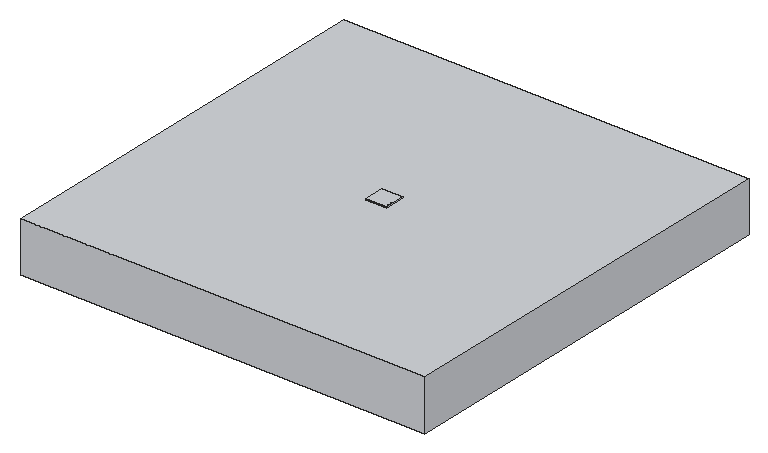
Revit family "M_Sirene do alarme de incêndio - Montado na parede", category Dispositivos de alarme de incêndio, Revit 2019
Family settings
  Hospedeiro = Face
  Manter orientação da anotação = Sim
  Cota do conector redondo = Utilizar diâmetro
  Tipo de parte = Normal
  Número OmniClass = 23.85.30.21.11.17
  Título OmniClass = Other Components
  ID de item do Seek = Fire Alarm Horn - Wall Mounted-0000-CAN-ENU
  Corte com vazios quando carregada = Não
  Compartilhado = Não
  Ponto de cálculo do ambiente = Não
Parameters (values of type "Padrão")
  Material = none
  Elevação-padrão = 1200 mm
Reference planes
  plane 1 "Centro (Frente/Trás)": y = 0
  plane 2: z = 0
  plane 3 "Centro (Esquerda/Direita)": x = 0
  plane 4: x = -63.5
  plane 5: x = 63.5
  plane 6: y = 63.5
  plane 7: y = -63.5
  plane 8: z = 4.762
  plane 9: z = -53.975
  plane 10: y = 50.8
  plane 11: y = -50.8
  plane 12: x = -50.8
  plane 13: x = 50.8
Forms (mm)
  Extrusion 1, solid
    sketch origin (0, 0, 0) x (1, 0, 0) y (0, 1, 0)
      loop
        line (-1219.2, 1219.2) -> (-1219.2, -1219.2) -> (1219.2, -1219.2) -> (1219.2, 1219.2) -> (-1219.2, 1219.2)
    from 0 to -304.8
  Extrusion 2, solid, material <- "Material"
    sketch origin (0, 0, 0) x (1, 0, 0) y (0, 1, 0)
      loop
        line (-63.5, 63.5) -> (-63.5, -63.5) -> (63.5, -63.5) -> (63.5, 63.5) -> (-63.5, 63.5)
    from 0 to 4.762
  Extrusion 3, solid, material <- "Material"
    sketch origin (0, 0, 0) x (1, 0, 0) y (0, 1, 0)
      loop
        line (-50.8, 50.8) -> (-50.8, -50.8) -> (50.8, -50.8) -> (50.8, 50.8) -> (-50.8, 50.8)
    from 0 to -53.975
Cuts and joins
  joined: Extrusion 2, Extrusion 3
Lines and regions (mm)
  symbolic lines, detail levels fine
    curve 1: line (63.5, 0, 4.762) -> (-63.5, 0, 4.762)
    curve 2: line (-63.5, 0, 4.762) -> (-63.5, 0, 0)
    curve 3: line (-63.5, 0, 0) -> (63.5, 0, 0)
    curve 4: line (-50.8, 0, 0) -> (-50.8, 0, -53.975)
    curve 5: line (-50.8, 0, -53.975) -> (50.8, 0, -53.975)
    curve 6: line (50.8, 0, -53.975) -> (50.8, 0, 0)
    curve 7: line (63.5, 0, 0) -> (63.5, 0, 4.762)
Dimensions and locks
  equal spacing: plane 4, plane 3 "Centro (Esquerda/Direita)", plane 5
  equal spacing: plane 6, plane 1 "Centro (Frente/Trás)", plane 7
  locked: plane 4 to plane 5 at 127
  locked: plane 6 to plane 7 at 127
  locked: plane 8 to plane 2 at 4.762
  locked: plane 2 to plane 9 at 53.975
  equal spacing: plane 12, plane 3 "Centro (Esquerda/Direita)", plane 13
  equal spacing: plane 10, plane 1 "Centro (Frente/Trás)", plane 11
  locked: plane 10 to plane 11 at 101.6
  locked: plane 12 to plane 13 at 101.6
  aligned and locked: plane 2 to Extrusion 1
  aligned and locked: level to Extrusion 1
  aligned and locked: Extrusion 2 to plane 4
  aligned and locked: plane 5 to Extrusion 2
  aligned and locked: plane 6 to Extrusion 2
  aligned and locked: Extrusion 2 to plane 7
  aligned and locked: plane 8 to Extrusion 2
  aligned and locked: Extrusion 2 to plane 2
  aligned and locked: plane 2 to Extrusion 3
  aligned and locked: Extrusion 3 to plane 9
  aligned and locked: Extrusion 3 to plane 12
  aligned and locked: plane 13 to Extrusion 3
  aligned and locked: plane 10 to Extrusion 3
  aligned and locked: Extrusion 3 to plane 11
  aligned and locked: plane 1 "Centro (Frente/Trás)" to nested 1
  aligned and locked: plane 3 "Centro (Esquerda/Direita)" to nested 1
  aligned and locked: curve 1 to cut or joined group of Extrusion 2, Extrusion 3
  aligned and locked: curve 2 to cut or joined group of Extrusion 2, Extrusion 3
  aligned and locked: curve 3 to cut or joined group of Extrusion 2, Extrusion 3
  aligned and locked: curve 4 to cut or joined group of Extrusion 2, Extrusion 3
  aligned and locked: curve 5 to cut or joined group of Extrusion 2, Extrusion 3
  aligned and locked: curve 6 to cut or joined group of Extrusion 2, Extrusion 3
  aligned and locked: curve 7 to cut or joined group of Extrusion 2, Extrusion 3
Automatic sketch dimensions
  Extrusion 1 sketch curve to Extrusion 1 sketch curve = 2438.4 mm  (x2)
  plane 4 to Extrusion 2 sketch curve = 0 mm
  plane 3 "Centro (Esquerda/Direita)" to Extrusion 2 sketch curve = 63.5 mm
  plane 7 to Extrusion 2 sketch curve = 0 mm
  Extrusion 2 sketch curve to plane 1 "Centro (Frente/Trás)" = 63.5 mm
  Extrusion 3 sketch curve to plane 3 "Centro (Esquerda/Direita)" = 50.8 mm
  plane 3 "Centro (Esquerda/Direita)" to Extrusion 3 sketch curve = 50.8 mm
  plane 1 "Centro (Frente/Trás)" to Extrusion 3 sketch curve = 50.8 mm
  Extrusion 3 sketch curve to plane 6 = 12.7 mm
Nested families
  nested 1: "M_Sirene do alarme de incêndio - Anotação montada na parede" at (0, 0, 0), type "Sirene do alarme de incêndio - Anotação montada na parede", detail levels coarse+medium
Connectors
  electrical at (0, 50.8, -26.988)
    settings: on Extrusion 3, index 1, voltage 0 V, apparent load 0 VA, apparent load phase1 0 VA, apparent load phase2 0 VA, apparent load phase3 0 VA, power factor 1, load classification "Outros", number of poles 1, system type 11, power factor state 1, is connector primary yes, connector utility no, sub classification motor no, connector description ""
Definition of nested family "M_Sirene do alarme de incêndio - Anotação montada na parede"
  Parameters
    Anotação de legenda = ""
  Reference planes
    plane 1: y = 0
    plane 2: x = 0
  Lines and regions (mm)
    reference lines
      curve 1: line (-0.794, 6.18, 0) -> (-0.794, -6.52, 0)
      curve 2: line (0.794, 6.18, 0) -> (0.794, -8.417, 0)
      curve 3: line (-29.217, 1.588, 0) -> (6.304, 1.588, 0)
      curve 4: line (-34.666, 4.763, 0) -> (6.304, 4.763, 0)
      curve 5: line (-1.588, -1.93, 0) -> (-1.587, 15.167, 0)
      curve 10: line (-4.706, 7.938, 0) -> (5.364, 7.938, 0)
      curve 11: line (0, -5.109, 0) -> (0, 25.811, 0)
      curve 15: line (1.588, -7.292, 0) -> (1.588, 23.36, 0)
    detail lines
      curve 6: line (-1.588, 1.588, 0) -> (-1.588, 4.763, 0)
      curve 7: line (1.588, 1.588, 0) -> (-1.588, 1.588, 0)
      curve 8: line (1.588, 4.763, 0) -> (1.588, 1.588, 0)
      curve 9: line (-1.588, 4.763, 0) -> (1.588, 4.763, 0)
      curve 12: line (-1.588, 7.938, 0) -> (1.588, 7.938, 0)
      curve 13: line (0, 4.763, 0) -> (-1.588, 7.938, 0)
      curve 14: line (0, 4.763, 0) -> (1.588, 7.938, 0)
      curve 16: line (0, 1.588, 0) -> (0, 0, 0)
      curve 17: line (-0.794, 0, 0) -> (0.794, 0, 0)
  Dimensions and locks
    locked: curve 1 to plane 2 at 0.794
    locked: plane 2 to curve 2 at 0.794
    locked: curve 4 to curve 10 at 3.175
    locked: curve 3 to curve 4 at 3.175
    locked: curve 15 to curve 5 at 3.175
    locked: curve 15 to curve 11 at 1.588
    locked: plane 1 to curve 3 at 1.588
    locked: curve 11 to plane 2 at 0
    aligned and locked: curve 3 to curve 16
    aligned and locked: plane 1 to curve 16
    aligned and locked: curve 16 to curve 11
    aligned and locked: curve 2 to curve 17
    aligned and locked: curve 1 to curve 17
    aligned and locked: plane 1 to curve 17
